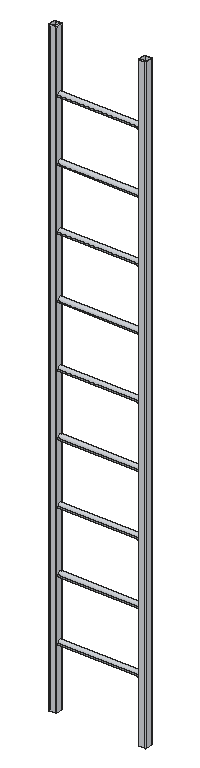
Revit family "Ladder (All Heights)", category Generic Models, Revit 2014
Parameters (values of type "Rails (1.5"x1.5")")
  Rung Spacing [instance] = 1' - 0.16553"
  Rail Width = 0' - 1 1/2"
  Rail Depth = 0' - 1 1/2"
  Number of Rungs [instance] = (Height / Rung Spacing) - 1  # 9
  Landing Width [instance] = 1' - 10"
  Landing Control [instance] = Landing Width / 2  # 0' - 11"
  Height [instance] = 10' - 0"
  Clear Width = 1' - 4"
Types (3): name | Rail Depth
  (no name) | 0' - 1 1/2"
  Rails (4"x1.5") | 0' - 4"
  Rails (1.5"x1.5") | 0' - 1 1/2"
Reference planes (in)
  plane 1 "Center (Front/Back)": y = 0
  plane 2: z = 0
  plane 3 "Center (Left/Right)": x = 0
  plane 4: z = 120.5
  plane 5: x = -8
  plane 6: x = 8
  plane 7: z = 120
Forms (in)
  Extrusion 1, solid
    sketch origin (0, 0, 0) x (1, 0, 0) y (0, 1, 0)
      loop
        arc (-8.16406, -0.75) -> (-8.04805, -0.70195) -> (-8, -0.58594) r 0.16406
        line (-8, -0.58594) -> (-8, 0.58594)
        arc (-8, 0.58594) -> (-8.04805, 0.70195) -> (-8.16406, 0.75) r 0.16406
        line (-8.16406, 0.75) -> (-9.33511, 0.75)
        arc (-9.33511, 0.75) -> (-9.4517, 0.7017) -> (-9.5, 0.58511) r 0.16489
        line (-9.5, 0.58511) -> (-9.5, -0.58594)
        arc (-9.5, -0.58594) -> (-9.45195, -0.70195) -> (-9.33594, -0.75) r 0.16406
        line (-9.33594, -0.75) -> (-8.16406, -0.75)
      loop
        arc (-9.33511, 0.625) -> (-9.36332, 0.61332) -> (-9.375, 0.58511) r 0.03989
        line (-9.375, 0.58511) -> (-9.375, -0.58594)
        arc (-9.375, -0.58594) -> (-9.36356, -0.61356) -> (-9.33594, -0.625) r 0.03906
        line (-9.33594, -0.625) -> (-8.16406, -0.625)
        arc (-8.16406, -0.625) -> (-8.13644, -0.61356) -> (-8.125, -0.58594) r 0.03906
        line (-8.125, -0.58594) -> (-8.125, 0.58594)
        arc (-8.125, 0.58594) -> (-8.13644, 0.61356) -> (-8.16406, 0.625) r 0.03906
        line (-8.16406, 0.625) -> (-9.33511, 0.625)
      loop
        line (8.16406, -0.75) -> (9.33594, -0.75)
        arc (9.33594, -0.75) -> (9.45195, -0.70195) -> (9.5, -0.58594) r 0.16406
        line (9.5, -0.58594) -> (9.5, 0.58511)
        arc (9.5, 0.58511) -> (9.4517, 0.7017) -> (9.33511, 0.75) r 0.16489
        line (9.33511, 0.75) -> (8.16406, 0.75)
        arc (8.16406, 0.75) -> (8.04805, 0.70195) -> (8, 0.58594) r 0.16406
        line (8, 0.58594) -> (8, -0.58594)
        arc (8, -0.58594) -> (8.04805, -0.70195) -> (8.16406, -0.75) r 0.16406
      loop
        line (9.33511, 0.625) -> (8.16406, 0.625)
        arc (8.16406, 0.625) -> (8.13644, 0.61356) -> (8.125, 0.58594) r 0.03906
        line (8.125, 0.58594) -> (8.125, -0.58594)
        arc (8.125, -0.58594) -> (8.13644, -0.61356) -> (8.16406, -0.625) r 0.03906
        line (8.16406, -0.625) -> (9.33594, -0.625)
        arc (9.33594, -0.625) -> (9.36356, -0.61356) -> (9.375, -0.58594) r 0.03906
        line (9.375, -0.58594) -> (9.375, 0.58511)
        arc (9.375, 0.58511) -> (9.36332, 0.61332) -> (9.33511, 0.625) r 0.03989
    from 0 to 120
Dimensions and locks (in)
  "Height": plane 7 to plane 2
  "Clear Width": plane 5 to plane 6
  equal spacing: plane 5, plane 3 "Center (Left/Right)", plane 6
  equal spacing: Extrusion 1 sketch curve, plane 1 "Center (Front/Back)", Extrusion 1 sketch curve
  "Rung Spacing": nested 1 to level
  equal spacing: group 1, group 2, group 3, group 4, group 5, group 6, group 7, group 8, group 9  (x3)
  nested 1 to nested 2 = 0' - 11.97931"
  locked: plane 4 to plane 7 at 0.5
  locked: Extrusion 1 sketch curve to Extrusion 1 sketch curve at 0.125  (x6)
  "Rail Depth": Extrusion 1 sketch curve to Extrusion 1 sketch curve
  "Rail Width": Extrusion 1 sketch curve to Extrusion 1 sketch curve  (x2)
  aligned and locked: plane 2 to level
  aligned and locked: plane 3 "Center (Left/Right)" to nested 1
  aligned and locked: plane 1 "Center (Front/Back)" to nested 1
  aligned and locked: nested 1 to nested 2
  aligned and locked: plane 7 to Extrusion 1
  aligned and locked: Extrusion 1 sketch curve to Extrusion 1 sketch curve  (x4)
Automatic sketch dimensions
  Extrusion 1 sketch curve to Extrusion 1 sketch curve = 0' - 0"  (x8)
  Extrusion 1 sketch curve to plane 5 = 0' - 0"
  Extrusion 1 sketch curve to plane 6 = 0' - 0"
  Extrusion 1 sketch curve to Extrusion 1 sketch curve = 0' - 0 5/128"  (x5)
  Extrusion 1 sketch curve to Extrusion 1 sketch curve = 0' - 0.03989"  (x2)
  plane 6 to Extrusion 1 sketch curve = 0' - 0 21/128"
Nested families (in)
  nested 1: "Ladder Rung" at (0, 0, 12.16553), type "Ladder Rung"
  nested 2: "Ladder Rung" at (0, 0, 24.14483), type "Ladder Rung"
  nested 3: "Ladder Rung" at (0, 0, 36.12414), type "Ladder Rung"
  nested 4: "Ladder Rung" at (0, 0, 48.10345), type "Ladder Rung"
  nested 5: "Ladder Rung" at (0, 0, 60.08276), type "Ladder Rung"
  nested 6: "Ladder Rung" at (0, 0, 72.06207), type "Ladder Rung"
  nested 7: "Ladder Rung" at (0, 0, 84.04138), type "Ladder Rung"
  nested 8: "Ladder Rung" at (0, 0, 96.02069), type "Ladder Rung"
  nested 9: "Ladder Rung" at (0, 0, 108), type "Ladder Rung"
Definition of nested family "Ladder Rung"
  Parameters (values of type "Ladder Rung")
    Rung Width = 1' - 4"
  Reference planes (in)
    plane 1 "Center (Front/Back)": y = 0
    plane 2: z = 0
    plane 3 "Center (Left/Right)": x = 0
    plane 4: x = -8
    plane 5: x = 8
  Forms (in)
    Sweep 1, solid
      path origin (0, 0, 0) x (1, 0, 0) y (0, 1, 0)
        loop
          line (8, 0) -> (-8, 0)
      profile origin (0, 0, 0) x (0, -1, 0) y (0, 0, 1)
        loop
          circle (0, 0) r 0.5
  Dimensions and locks (in)
    equal spacing: plane 4, plane 3 "Center (Left/Right)", plane 5
    "Rung Width": plane 4 to plane 5
    aligned and locked: plane 2 to level
    aligned and locked: plane 4 to Sweep 1 sketch curve
    aligned and locked: plane 5 to Sweep 1 sketch curve
  Automatic sketch dimensions
    plane 1 "Center (Front/Back)" to Sweep 1 sketch curve = 0' - 0"
    Sweep 1 sketch curve to level = 0' - 0"
    Sweep 1 sketch curve to profile plane = 0' - 0"
    radius of Sweep 1 sketch curve = 0' - 0 1/2"
